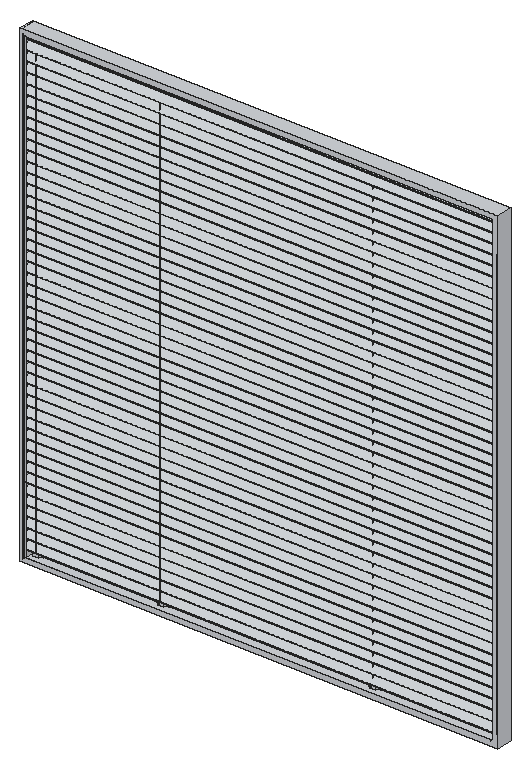
Revit family "EL-1-FR (30 Degree Blades)", category Mechanical Equipment, Revit 2015
Parameters
  URL = "http://unitedenertech.com/catalog/pdf/A_44%20EL-1-FR.pdf"
  Type Comments = "Max. Single Section Size is (120\"w x 84\"h)"
  Model = "EL-1-FR (30 Degree Blades)"
  Manufacturer = "United Enertech Corporation"
  Keynote = "Note: Blade Braces Set to Visibility Parameters, Correct Number Will Appear when Loaded into Project."
  Exact Width = 3' - 0"
  Exact Height = 3' - 0"
  Description = "PTAC Grille with Box Frame"
  Brace Visibility [instance] = if(and(Exact Width > 1' 4", Exact Width < 2' 8"), 2 > 1, 1 > 2)  # no
  Brace Number [instance] = (Exact Width / 1' 4")  # 2
  Brace Height [instance] = Exact Height - 0' 0 5/16"  # 2' - 11 11/16"
  Blade Spacing = 0' - 0 3/4"
  Blade Number [instance] = rounddown((Exact Height - 0' 0 13/32") / 0' 0 3/4")  # 47
  BW [instance] = Exact Width - 0' 0 5/16"  # 2' - 11 11/16"
  (7) Brace Visibility [instance] = if(Exact Width > 9' 4", 2 > 1, 1 > 2)  # no
  (6) Brace Visibility [instance] = if(and(Exact Width > 8' 0", Exact Width < 9' 4"), 2 > 1, 1 > 2)  # no
  (5) Brace Visibility [instance] = if(and(Exact Width > 6' 8", Exact Width < 8' 0"), 2 > 1, 1 > 2)  # no
  (4) Brace Visibility [instance] = if(and(Exact Width > 5' 4", Exact Width < 6' 8"), 2 > 1, 1 > 2)  # no
  (3) Brace Visibility [instance] = if(and(Exact Width > 4' 0", Exact Width < 5' 4"), 2 > 1, 1 > 2)  # no
  (2) Brace Visibility [instance] = if(and(Exact Width > 2' 8", Exact Width < 4' 0"), 2 > 1, 1 > 2)  # yes
Reference planes (in)
  plane 1 "Center (Front/Back)": y = 0
  plane 2: z = 0
  plane 3 "Center (Left/Right)": x = 0
  plane 4: x = -18
  plane 5: x = 18
  plane 6: z = 36
  plane 7: x = -17.56125
  plane 8: y = -0.453
  plane 9: y = -0.237
  plane 10: z = 35.75
  plane 11: z = 0.1705
  plane 12: z = 35.8295
  plane 13: z = 18
  plane 14: x = 17.8295
  plane 15: x = -17.8295
Forms (in)
  Extrusion 1, solid
    sketch origin (-19.69023, 2.05132, 0) x (-1, 0, 0) y (0, -1, 0)
      loop
        line (-2.65373, 2.21832) -> (-2.50198, 2.05132) -> (-2.09698, 2.05132) -> (-1.94523, 2.21832) -> (-2.06023, 2.21832) -> (-2.06023, 2.1602) -> (-2.11911, 2.10132) -> (-2.47986, 2.10132) -> (-2.53873, 2.1602) -> (-2.53873, 2.21832) -> (-2.65373, 2.21832)
    from 0.1705 to 35.8295
  Extrusion 2, solid
    sketch origin (19.66749, 2.48299, 0) x (1, 0, 0) y (0, 1, 0)
      loop
        line (-2.71549, -2.49199) -> (-2.71549, -2.71999) -> (-2.53299, -2.71999) -> (-2.49774, -2.93599) -> (-2.05574, -2.93599) -> (-2.02049, -2.71999) -> (-1.83799, -2.71999) -> (-1.83799, -2.49199) -> (-1.90799, -2.49199) -> (-1.97456, -2.57592) -> (-1.90994, -2.64999) -> (-2.07999, -2.64999) -> (-2.11524, -2.86599) -> (-2.43823, -2.86599) -> (-2.47348, -2.64999) -> (-2.64354, -2.64999) -> (-2.58124, -2.57299) -> (-2.64549, -2.49199) -> (-2.71549, -2.49199)
    from 0.1705 to 35.8295
  Extrusion 3, solid
    sketch origin (19.69023, 2.05132, 0) x (1, 0, 0) y (0, 1, 0)
      loop
        line (-2.65373, -2.21832) -> (-2.53873, -2.21832) -> (-2.53873, -2.1602) -> (-2.47986, -2.10132) -> (-2.11911, -2.10132) -> (-2.06023, -2.1602) -> (-2.06023, -2.21832) -> (-1.94523, -2.21832) -> (-2.09698, -2.05132) -> (-2.50198, -2.05132) -> (-2.65373, -2.21832)
    from 0.1705 to 35.8295
  Extrusion 4, solid
    sketch origin (-19.66749, 2.48299, 0) x (-1, 0, 0) y (0, -1, 0)
      loop
        line (-2.71549, 2.49199) -> (-2.64549, 2.49199) -> (-2.58124, 2.57299) -> (-2.64354, 2.64999) -> (-2.47348, 2.64999) -> (-2.43823, 2.86599) -> (-2.11524, 2.86599) -> (-2.07999, 2.64999) -> (-1.90994, 2.64999) -> (-1.97456, 2.57592) -> (-1.90799, 2.49199) -> (-1.83799, 2.49199) -> (-1.83799, 2.71999) -> (-2.02049, 2.71999) -> (-2.05574, 2.93599) -> (-2.49774, 2.93599) -> (-2.53299, 2.71999) -> (-2.71549, 2.71999) -> (-2.71549, 2.49199)
    from 0.1705 to 35.8295
  Sweep 5, solid
    path origin (-79.78593, 0.05, 62.2601) x (1, 0, 0) y (0, 0, 1)
      loop
        line (61.78593, -26.2601) -> (61.78593, -62.2601) -> (97.78593, -62.2601) -> (97.78593, -26.2601) -> (61.78593, -26.2601)
    profile "FR : FR" origin (-18, 0.05, 18) x (1, 0, 0) y (0, -1, 0)
      loop
        line (0.358, 1.225) -> (0, 1.225) -> (0, 0) -> (0.67, 0) -> (0.67, 0.05) -> (0.1705, 0.05) -> (0.1705, 0.15) -> (0.1205, 0.15) -> (0.1205, 0.05) -> (0.05, 0.05) -> (0.05, 1.175) -> (0.1205, 1.175) -> (0.1205, 1.075) -> (0.1705, 1.075) -> (0.1705, 1.175) -> (0.358, 1.175) -> (0.358, 1.225)
Dimensions and locks (in)
  equal spacing: plane 4, plane 3 "Center (Left/Right)", plane 5
  "Exact Width": plane 4 to plane 5
  "Exact Height": plane 6 to level
  locked: plane 4 to plane 7 at 0.43875
  locked: plane 6 to plane 10 at 0.25
  equal spacing: group 1, group 2, group 3, group 4, group 5, group 6, group 7, group 8, group 9, group 10, group 11, group 12, group 13, group 14, group 15, group 16, group 17, group 18, group 19, group 20, group 21, group 22, group 23, group 24, group 25, group 26, group 27, group 28, group 29, group 30, group 31, group 32, group 33, group 34, group 35, group 36, group 37, group 38, group 39, group 40, group 41, group 42, group 43, group 44, group 45, group 46, group 47  (x2)
  equal spacing: group 47, group 46, group 45, group 44, group 43, group 42, group 41, group 40, group 39, group 38, group 37, group 36, group 35, group 34, group 33, group 32, group 31, group 30, group 29, group 28, group 27, group 26, group 25, group 24, group 23, group 22, group 21, group 20, group 19, group 18, group 17, group 16, group 15, group 14, group 13, group 12, group 11, group 10, group 9, group 8, group 7, group 6, group 5, group 4, group 3, group 2, group 1
  "Blade Spacing": nested 3 to nested 2
  locked: plane 11 to level at 0.1705
  locked: plane 6 to plane 12 at 0.1705
  equal spacing: plane 6, plane 13, level
  locked: plane 14 to plane 5 at 0.1705
  locked: plane 4 to plane 15 at 0.1705
  aligned and locked: level to plane 2
  aligned and locked: plane 3 "Center (Left/Right)" to nested 1
  aligned and locked: nested 1 to plane 8
  aligned and locked: plane 3 "Center (Left/Right)" to nested 2
  aligned and locked: plane 10 to nested 2
  aligned and locked: Sweep 5 sketch curve to level
  aligned and locked: plane 5 to Sweep 5 sketch curve
  aligned and locked: plane 4 to Sweep 5 sketch curve
  aligned and locked: plane 6 to Sweep 5 sketch curve
  aligned and locked: Extrusion 4 to plane 11
  aligned and locked: Extrusion 1 to plane 11
  aligned and locked: Extrusion 2 to plane 11
  aligned and locked: Extrusion 3 to plane 11
  aligned and locked: plane 12 to Extrusion 4
  aligned and locked: plane 12 to Extrusion 1
  aligned and locked: plane 12 to Extrusion 2
  aligned and locked: plane 12 to Extrusion 3
  aligned and locked: nested 73 to plane 11
  aligned and locked: nested 68 to plane 11
  aligned and locked: nested 72 to plane 11
  aligned and locked: nested 62 to plane 11
  aligned and locked: plane 11 to nested 73
  aligned and locked: plane 11 to nested 68
  aligned and locked: plane 11 to nested 72
  aligned and locked: plane 11 to nested 62
  aligned and locked: nested 65 to plane 11
  aligned and locked: nested 56 to plane 11
  aligned and locked: plane 11 to Extrusion 4  (x6)
  aligned and locked: nested 71 to plane 11
  aligned and locked: nested 59 to plane 11
  aligned and locked: nested 53 to plane 11
  aligned and locked: nested 63 to plane 11
  aligned and locked: nested 54 to plane 11
  aligned and locked: nested 50 to plane 11
  aligned and locked: nested 69 to plane 11
  aligned and locked: nested 58 to plane 11
  aligned and locked: nested 51 to plane 11
  aligned and locked: nested 1 to plane 11
  aligned and locked: nested 64 to plane 11
  aligned and locked: nested 55 to plane 11
  aligned and locked: nested 49 to plane 11
  aligned and locked: nested 70 to plane 11
  aligned and locked: nested 60 to plane 11
  aligned and locked: nested 52 to plane 11
  aligned and locked: plane 11 to Extrusion 2  (x3)
  aligned and locked: nested 66 to plane 11
  aligned and locked: nested 57 to plane 11
  aligned and locked: nested 74 to plane 11
  aligned and locked: nested 61 to plane 11
  aligned and locked: nested 67 to plane 11
  aligned and locked: nested 75 to plane 11
  aligned and locked: Extrusion 4 to plane 15
Automatic sketch dimensions
  plane 1 "Center (Front/Back)" to Extrusion 1 sketch curve = 0' - 0"
  plane 9 to Extrusion 1 sketch curve = 0' - 0.07"  (x2)
  Extrusion 1 sketch curve to plane 7 = 0' - 0.52475"
  Extrusion 1 sketch curve to Extrusion 1 sketch curve = 0' - 0.115"
  Extrusion 1 sketch curve to Extrusion 1 sketch curve = 0' - 0.03675"
  Extrusion 1 sketch curve to Extrusion 1 sketch curve = 0' - 0.02213"  (x2)
  plane 1 "Center (Front/Back)" to Extrusion 1 sketch curve = 0' - 0.05"
  plane 7 to Extrusion 1 sketch curve = 0' - 0.00987"
  Extrusion 1 sketch curve to Extrusion 1 sketch curve = 0' - 0.05888"  (x2)
  Extrusion 1 sketch curve to plane 4 = 0' - 0.255"
  Extrusion 1 sketch curve to Extrusion 1 sketch curve = 0' - 0.05812"
  plane 9 to Extrusion 2 sketch curve = 0' - 0"  (x2)
  Extrusion 2 sketch curve to plane 8 = 0' - 0"
  plane 5 to Extrusion 2 sketch curve = 0' - 0.1705"
  Extrusion 2 sketch curve to plane 1 "Center (Front/Back)" = 0' - 0.009"  (x2)
  Extrusion 2 sketch curve to Extrusion 2 sketch curve = 0' - 0.07"
  plane 5 to Extrusion 2 sketch curve = 0' - 0.24245"
  Extrusion 2 sketch curve to Extrusion 2 sketch curve = 0' - 0.06462"
  Extrusion 2 sketch curve to Extrusion 2 sketch curve = 0' - 0.11055"
  plane 5 to Extrusion 2 sketch curve = 0' - 0.38825"
  Extrusion 2 sketch curve to Extrusion 2 sketch curve = 0' - 0.0595"  (x4)
  Extrusion 2 sketch curve to plane 8 = 0' - 0.07"
  Extrusion 2 sketch curve to Extrusion 2 sketch curve = 0' - 0.323"
  Extrusion 2 sketch curve to plane 9 = 0' - 0.07"  (x2)
  Extrusion 2 sketch curve to Extrusion 2 sketch curve = 0' - 0.03525"
  Extrusion 2 sketch curve to plane 1 "Center (Front/Back)" = 0' - 0.09"
  Extrusion 2 sketch curve to Extrusion 2 sketch curve = 0' - 0.10775"
  Extrusion 2 sketch curve to Extrusion 2 sketch curve = 0' - 0.0623"
  Extrusion 2 sketch curve to Extrusion 2 sketch curve = 0' - 0.06425"
  Extrusion 2 sketch curve to Extrusion 2 sketch curve = 0' - 0.07195"
  Extrusion 2 sketch curve to plane 1 "Center (Front/Back)" = 0' - 0.09293"
  plane 1 "Center (Front/Back)" to Extrusion 3 sketch curve = 0' - 0"
  Extrusion 3 sketch curve to plane 9 = 0' - 0.07"  (x2)
  plane 5 to Extrusion 3 sketch curve = 0' - 0.9635"
  Extrusion 3 sketch curve to Extrusion 3 sketch curve = 0' - 0.115"
  Extrusion 3 sketch curve to Extrusion 3 sketch curve = 0' - 0.03675"
  Extrusion 3 sketch curve to Extrusion 3 sketch curve = 0' - 0.02213"  (x2)
  Extrusion 3 sketch curve to plane 1 "Center (Front/Back)" = 0' - 0.05"
  plane 5 to Extrusion 3 sketch curve = 0' - 0.42888"
  Extrusion 3 sketch curve to Extrusion 3 sketch curve = 0' - 0.05888"  (x2)
  plane 5 to Extrusion 3 sketch curve = 0' - 0.255"
  Extrusion 3 sketch curve to Extrusion 3 sketch curve = 0' - 0.05812"
  Extrusion 4 sketch curve to plane 9 = 0' - 0"  (x2)
  Extrusion 4 sketch curve to plane 8 = 0' - 0"
  Extrusion 4 sketch curve to plane 4 = 0' - 0.1705"
  plane 1 "Center (Front/Back)" to Extrusion 4 sketch curve = 0' - 0.009"  (x2)
  Extrusion 4 sketch curve to Extrusion 4 sketch curve = 0' - 0.07"
  Extrusion 4 sketch curve to plane 4 = 0' - 0.24245"
  Extrusion 4 sketch curve to Extrusion 4 sketch curve = 0' - 0.06462"
  Extrusion 4 sketch curve to Extrusion 4 sketch curve = 0' - 0.11055"
  Extrusion 4 sketch curve to plane 4 = 0' - 0.38825"
  Extrusion 4 sketch curve to Extrusion 4 sketch curve = 0' - 0.0595"  (x4)
  plane 8 to Extrusion 4 sketch curve = 0' - 0.07"
  Extrusion 4 sketch curve to plane 7 = 0' - 0.332"
  plane 9 to Extrusion 4 sketch curve = 0' - 0.07"  (x2)
  Extrusion 4 sketch curve to plane 7 = 0' - 0.36725"
  plane 1 "Center (Front/Back)" to Extrusion 4 sketch curve = 0' - 0.09"
  Extrusion 4 sketch curve to Extrusion 4 sketch curve = 0' - 0.10775"
  Extrusion 4 sketch curve to Extrusion 4 sketch curve = 0' - 0.0623"
  Extrusion 4 sketch curve to Extrusion 4 sketch curve = 0' - 0.06425"
  Extrusion 4 sketch curve to Extrusion 4 sketch curve = 0' - 0.07195"
  plane 1 "Center (Front/Back)" to Extrusion 4 sketch curve = 0' - 0.09293"
Nested families (in)
  nested 1: "EL BRACE" at (0, -0.453, 0.1705), visible <- "Brace Visibility", type "EL BRACE"
    with Height 2' - 11 11/16"
  nested 2: "EL 30 Deg" at (0, -2.01253, 29.5485), type "EL 30 Deg"
    with Blade 30 Width 2' - 11 11/16"
  nested 3: "EL 30 Deg" at (0, -2.01253, 28.7985), type "EL 30 Deg"
    with Blade 30 Width 2' - 11 11/16"
  nested 4: "EL 30 Deg" at (0, -2.01253, 28.0485), type "EL 30 Deg"
    with Blade 30 Width 2' - 11 11/16"
  nested 5: "EL 30 Deg" at (0, -2.01253, 27.2985), type "EL 30 Deg"
    with Blade 30 Width 2' - 11 11/16"
  nested 6: "EL 30 Deg" at (0, -2.01253, 26.5485), type "EL 30 Deg"
    with Blade 30 Width 2' - 11 11/16"
  nested 7: "EL 30 Deg" at (0, -2.01253, 25.7985), type "EL 30 Deg"
    with Blade 30 Width 2' - 11 11/16"
  nested 8: "EL 30 Deg" at (0, -2.01253, 25.0485), type "EL 30 Deg"
    with Blade 30 Width 2' - 11 11/16"
  nested 9: "EL 30 Deg" at (0, -2.01253, 24.2985), type "EL 30 Deg"
    with Blade 30 Width 2' - 11 11/16"
  nested 10: "EL 30 Deg" at (0, -2.01253, 23.5485), type "EL 30 Deg"
    with Blade 30 Width 2' - 11 11/16"
  nested 11: "EL 30 Deg" at (0, -2.01253, 22.7985), type "EL 30 Deg"
    with Blade 30 Width 2' - 11 11/16"
  nested 12: "EL 30 Deg" at (0, -2.01253, 22.0485), type "EL 30 Deg"
    with Blade 30 Width 2' - 11 11/16"
  nested 13: "EL 30 Deg" at (0, -2.01253, 21.2985), type "EL 30 Deg"
    with Blade 30 Width 2' - 11 11/16"
  nested 14: "EL 30 Deg" at (0, -2.01253, 20.5485), type "EL 30 Deg"
    with Blade 30 Width 2' - 11 11/16"
  nested 15: "EL 30 Deg" at (0, -2.01253, 19.7985), type "EL 30 Deg"
    with Blade 30 Width 2' - 11 11/16"
  nested 16: "EL 30 Deg" at (0, -2.01253, 19.0485), type "EL 30 Deg"
    with Blade 30 Width 2' - 11 11/16"
  nested 17: "EL 30 Deg" at (0, -2.01253, 18.2985), type "EL 30 Deg"
    with Blade 30 Width 2' - 11 11/16"
  nested 18: "EL 30 Deg" at (0, -2.01253, 17.5485), type "EL 30 Deg"
    with Blade 30 Width 2' - 11 11/16"
  nested 19: "EL 30 Deg" at (0, -2.01253, 16.7985), type "EL 30 Deg"
    with Blade 30 Width 2' - 11 11/16"
  nested 20: "EL 30 Deg" at (0, -2.01253, 16.0485), type "EL 30 Deg"
    with Blade 30 Width 2' - 11 11/16"
  nested 21: "EL 30 Deg" at (0, -2.01253, 15.2985), type "EL 30 Deg"
    with Blade 30 Width 2' - 11 11/16"
  nested 22: "EL 30 Deg" at (0, -2.01253, 14.5485), type "EL 30 Deg"
    with Blade 30 Width 2' - 11 11/16"
  nested 23: "EL 30 Deg" at (0, -2.01253, 13.7985), type "EL 30 Deg"
    with Blade 30 Width 2' - 11 11/16"
  nested 24: "EL 30 Deg" at (0, -2.01253, 13.0485), type "EL 30 Deg"
    with Blade 30 Width 2' - 11 11/16"
  nested 25: "EL 30 Deg" at (0, -2.01253, 12.2985), type "EL 30 Deg"
    with Blade 30 Width 2' - 11 11/16"
  nested 26: "EL 30 Deg" at (0, -2.01253, 11.5485), type "EL 30 Deg"
    with Blade 30 Width 2' - 11 11/16"
  nested 27: "EL 30 Deg" at (0, -2.01253, 10.7985), type "EL 30 Deg"
    with Blade 30 Width 2' - 11 11/16"
  nested 28: "EL 30 Deg" at (0, -2.01253, 10.0485), type "EL 30 Deg"
    with Blade 30 Width 2' - 11 11/16"
  nested 29: "EL 30 Deg" at (0, -2.01253, 9.2985), type "EL 30 Deg"
    with Blade 30 Width 2' - 11 11/16"
  nested 30: "EL 30 Deg" at (0, -2.01253, 8.5485), type "EL 30 Deg"
    with Blade 30 Width 2' - 11 11/16"
  nested 31: "EL 30 Deg" at (0, -2.01253, 7.7985), type "EL 30 Deg"
    with Blade 30 Width 2' - 11 11/16"
  nested 32: "EL 30 Deg" at (0, -2.01253, 7.0485), type "EL 30 Deg"
    with Blade 30 Width 2' - 11 11/16"
  nested 33: "EL 30 Deg" at (0, -2.01253, 6.2985), type "EL 30 Deg"
    with Blade 30 Width 2' - 11 11/16"
  nested 34: "EL 30 Deg" at (0, -2.01253, 5.5485), type "EL 30 Deg"
    with Blade 30 Width 2' - 11 11/16"
  nested 35: "EL 30 Deg" at (0, -2.01253, 4.7985), type "EL 30 Deg"
    with Blade 30 Width 2' - 11 11/16"
  nested 36: "EL 30 Deg" at (0, -2.01253, 4.0485), type "EL 30 Deg"
    with Blade 30 Width 2' - 11 11/16"
  nested 37: "EL 30 Deg" at (0, -2.01253, 3.2985), type "EL 30 Deg"
    with Blade 30 Width 2' - 11 11/16"
  nested 38: "EL 30 Deg" at (0, -2.01253, 2.5485), type "EL 30 Deg"
    with Blade 30 Width 2' - 11 11/16"
  nested 39: "EL 30 Deg" at (0, -2.01253, 1.7985), type "EL 30 Deg"
    with Blade 30 Width 2' - 11 11/16"
  nested 40: "EL 30 Deg" at (0, -2.01253, 1.0485), type "EL 30 Deg"
    with Blade 30 Width 2' - 11 11/16"
  nested 41: "EL 30 Deg" at (0, -2.01253, 0.2985), type "EL 30 Deg"
    with Blade 30 Width 2' - 11 11/16"
  nested 42: "EL 30 Deg" at (0, -2.01253, -0.4515), type "EL 30 Deg"
    with Blade 30 Width 2' - 11 11/16"
  nested 43: "EL 30 Deg" at (0, -2.01253, -1.2015), type "EL 30 Deg"
    with Blade 30 Width 2' - 11 11/16"
  nested 44: "EL 30 Deg" at (0, -2.01253, -1.9515), type "EL 30 Deg"
    with Blade 30 Width 2' - 11 11/16"
  nested 45: "EL 30 Deg" at (0, -2.01253, -2.7015), type "EL 30 Deg"
    with Blade 30 Width 2' - 11 11/16"
  nested 46: "EL 30 Deg" at (0, -2.01253, -3.4515), type "EL 30 Deg"
    with Blade 30 Width 2' - 11 11/16"
  nested 47: "EL 30 Deg" at (0, -2.01253, -4.2015), type "EL 30 Deg"
    with Blade 30 Width 2' - 11 11/16"
  nested 48: "EL 30 Deg" at (0, -2.01253, -4.9515), type "EL 30 Deg"
    with Blade 30 Width 2' - 11 11/16"
  nested 49: "EL BRACE" at (8, -0.453, 0.1705), visible <- "(2) Brace Visibility", type "EL BRACE"
    with Height 2' - 11 11/16"
  nested 50: "EL BRACE" at (-8, -0.453, 0.1705), visible <- "(2) Brace Visibility", type "EL BRACE"
    with Height 2' - 11 11/16"
  nested 51: "EL BRACE" at (0, -0.453, 0.1705), visible <- "(3) Brace Visibility", type "EL BRACE"
    with Height 2' - 11 11/16"
  nested 52: "EL BRACE" at (16, -0.453, 0.1705), visible <- "(3) Brace Visibility", type "EL BRACE"
    with Height 2' - 11 11/16"
  nested 53: "EL BRACE" at (-16, -0.453, 0.1705), visible <- "(3) Brace Visibility", type "EL BRACE"
    with Height 2' - 11 11/16"
  nested 54: "EL BRACE" at (-8, -0.453, 0.1705), visible <- "(4) Brace Visibility", type "EL BRACE"
    with Height 2' - 11 11/16"
  nested 55: "EL BRACE" at (8, -0.453, 0.1705), visible <- "(4) Brace Visibility", type "EL BRACE"
    with Height 2' - 11 11/16"
  nested 56: "EL BRACE" at (-24, -0.453, 0.1705), visible <- "(4) Brace Visibility", type "EL BRACE"
    with Height 2' - 11 11/16"
  nested 57: "EL BRACE" at (24, -0.453, 0.1705), visible <- "(4) Brace Visibility", type "EL BRACE"
    with Height 2' - 11 11/16"
  nested 58: "EL BRACE" at (0, -0.453, 0.1705), visible <- "(5) Brace Visibility", type "EL BRACE"
    with Height 2' - 11 11/16"
  nested 59: "EL BRACE" at (-16, -0.453, 0.1705), visible <- "(5) Brace Visibility", type "EL BRACE"
    with Height 2' - 11 11/16"
  nested 60: "EL BRACE" at (16, -0.453, 0.1705), visible <- "(5) Brace Visibility", type "EL BRACE"
    with Height 2' - 11 11/16"
  nested 61: "EL BRACE" at (32, -0.453, 0.1705), visible <- "(5) Brace Visibility", type "EL BRACE"
    with Height 2' - 11 11/16"
  nested 62: "EL BRACE" at (-32, -0.453, 0.1705), visible <- "(5) Brace Visibility", type "EL BRACE"
    with Height 2' - 11 11/16"
  nested 63: "EL BRACE" at (-8, -0.453, 0.1705), visible <- "(6) Brace Visibility", type "EL BRACE"
    with Height 2' - 11 11/16"
  nested 64: "EL BRACE" at (8, -0.453, 0.1705), visible <- "(6) Brace Visibility", type "EL BRACE"
    with Height 2' - 11 11/16"
  nested 65: "EL BRACE" at (-24, -0.453, 0.1705), visible <- "(6) Brace Visibility", type "EL BRACE"
    with Height 2' - 11 11/16"
  nested 66: "EL BRACE" at (24, -0.453, 0.1705), visible <- "(6) Brace Visibility", type "EL BRACE"
    with Height 2' - 11 11/16"
  nested 67: "EL BRACE" at (40, -0.453, 0.1705), visible <- "(6) Brace Visibility", type "EL BRACE"
    with Height 2' - 11 11/16"
  nested 68: "EL BRACE" at (-40, -0.453, 0.1705), visible <- "(6) Brace Visibility", type "EL BRACE"
    with Height 2' - 11 11/16"
  nested 69: "EL BRACE" at (0, -0.453, 0.1705), visible <- "(7) Brace Visibility", type "EL BRACE"
    with Height 2' - 11 11/16"
  nested 70: "EL BRACE" at (16, -0.453, 0.1705), visible <- "(7) Brace Visibility", type "EL BRACE"
    with Height 2' - 11 11/16"
  nested 71: "EL BRACE" at (-16, -0.453, 0.1705), visible <- "(7) Brace Visibility", type "EL BRACE"
    with Height 2' - 11 11/16"
  nested 72: "EL BRACE" at (-32, -0.453, 0.1705), visible <- "(7) Brace Visibility", type "EL BRACE"
    with Height 2' - 11 11/16"
  nested 73: "EL BRACE" at (-48, -0.453, 0.1705), visible <- "(7) Brace Visibility", type "EL BRACE"
    with Height 2' - 11 11/16"
  nested 74: "EL BRACE" at (32, -0.453, 0.1705), visible <- "(7) Brace Visibility", type "EL BRACE"
    with Height 2' - 11 11/16"
  nested 75: "EL BRACE" at (48, -0.453, 0.1705), visible <- "(7) Brace Visibility", type "EL BRACE"
    with Height 2' - 11 11/16"
Definition of nested family "EL BRACE"
  Parameters (values of type "EL BRACE")
    Height = 1' - 5.56492"
  Reference planes (in)
    plane 1 "Center (Front/Back)": y = 0
    plane 2: z = 0
    plane 3 "Center (Left/Right)": x = 0
    plane 4: z = 17.56492
  Forms (in)
    Extrusion 1, solid
      sketch origin (6.72326, 2.93599, 0) x (-1, 0, 0) y (0, -1, 0)
        loop
          line (6.28451, 2.49199) -> (6.35451, 2.49199) -> (6.41876, 2.57299) -> (6.35646, 2.64999) -> (6.52652, 2.64999) -> (6.56177, 2.86599) -> (6.88476, 2.86599) -> (6.92001, 2.64999) -> (7.09006, 2.64999) -> (7.02544, 2.57592) -> (7.09201, 2.49199) -> (7.16201, 2.49199) -> (7.16201, 2.71999) -> (6.97951, 2.71999) -> (6.94426, 2.93599) -> (6.50226, 2.93599) -> (6.46701, 2.71999) -> (6.28451, 2.71999) -> (6.28451, 2.49199)
      from 0 to 17.56492
  Dimensions and locks (in)
    "Height": plane 4 to level
    aligned and locked: level to plane 2
    aligned and locked: plane 4 to Extrusion 1
  Automatic sketch dimensions
    plane 1 "Center (Front/Back)" to Extrusion 1 sketch curve = 0' - 0"
    Extrusion 1 sketch curve to plane 1 "Center (Front/Back)" = 0' - 0.216"
    plane 3 "Center (Left/Right)" to Extrusion 1 sketch curve = 0' - 0.43875"
    Extrusion 1 sketch curve to Extrusion 1 sketch curve = 0' - 0.07"  (x4)
    Extrusion 1 sketch curve to Extrusion 1 sketch curve = 0' - 0.07195"
    Extrusion 1 sketch curve to Extrusion 1 sketch curve = 0' - 0.0623"
    Extrusion 1 sketch curve to Extrusion 1 sketch curve = 0' - 0.11055"
    Extrusion 1 sketch curve to Extrusion 1 sketch curve = 0' - 0.03525"
    Extrusion 1 sketch curve to Extrusion 1 sketch curve = 0' - 0.0595"  (x4)
    Extrusion 1 sketch curve to plane 1 "Center (Front/Back)" = 0' - 0.07"
    Extrusion 1 sketch curve to plane 3 "Center (Left/Right)" = 0' - 0.1615"
    Extrusion 1 sketch curve to plane 3 "Center (Left/Right)" = 0' - 0.19675"
    Extrusion 1 sketch curve to Extrusion 1 sketch curve = 0' - 0.10543"
    Extrusion 1 sketch curve to Extrusion 1 sketch curve = 0' - 0.06462"
    Extrusion 1 sketch curve to Extrusion 1 sketch curve = 0' - 0.06657"
    Extrusion 1 sketch curve to plane 1 "Center (Front/Back)" = 0' - 0.286"
    Extrusion 1 sketch curve to Extrusion 1 sketch curve = 0' - 0.07407"
    Extrusion 1 sketch curve to Extrusion 1 sketch curve = 0' - 0.077"
    Extrusion 1 sketch curve to Extrusion 1 sketch curve = 0' - 0.08393"
    Extrusion 1 sketch curve to Extrusion 1 sketch curve = 0' - 0.081"
Definition of nested family "EL 30 Deg"
  Parameters (values of type "EL 30 Deg")
    Blade 30 Width = 3' - 0"
  Reference planes (in)
    plane 1 "Center (Front/Back)": y = 0
    plane 2: z = 0
    plane 3 "Center (Left/Right)": x = 0
    plane 4: x = -18
    plane 5: x = 18
  Forms (in)
    Extrusion 1, solid
      sketch origin (0.80302, -5.449, 4.64597) x (0, 1, 0) y (0, 0, 1)
        loop
          line (6.38152, 1.21315) -> (6.41652, 1.15253) -> (6.99328, 1.48552) -> (7.22452, 1.48552) -> (7.22452, 1.55552) -> (6.97452, 1.55552) -> (6.38152, 1.21315)
      from -18.80302 to 17.19698
  Dimensions and locks (in)
    equal spacing: plane 4, plane 3 "Center (Left/Right)", plane 5
    "Blade 30 Width": plane 4 to plane 5
    aligned and locked: level to plane 2
    aligned and locked: plane 5 to Extrusion 1
    aligned and locked: plane 4 to Extrusion 1
  Automatic sketch dimensions
    Extrusion 1 sketch curve to plane 1 "Center (Front/Back)" = 0' - 0.93253"
    Extrusion 1 sketch curve to Extrusion 1 sketch curve = 0' - 0.035"
    Extrusion 1 sketch curve to Extrusion 1 sketch curve = 0' - 0.593"
    Extrusion 1 sketch curve to Extrusion 1 sketch curve = 0' - 0.01876"
    Extrusion 1 sketch curve to Extrusion 1 sketch curve = 0' - 0.23124"
    level to Extrusion 1 sketch curve = 0' - 5.7985"
    Extrusion 1 sketch curve to Extrusion 1 sketch curve = 0' - 0.06062"
